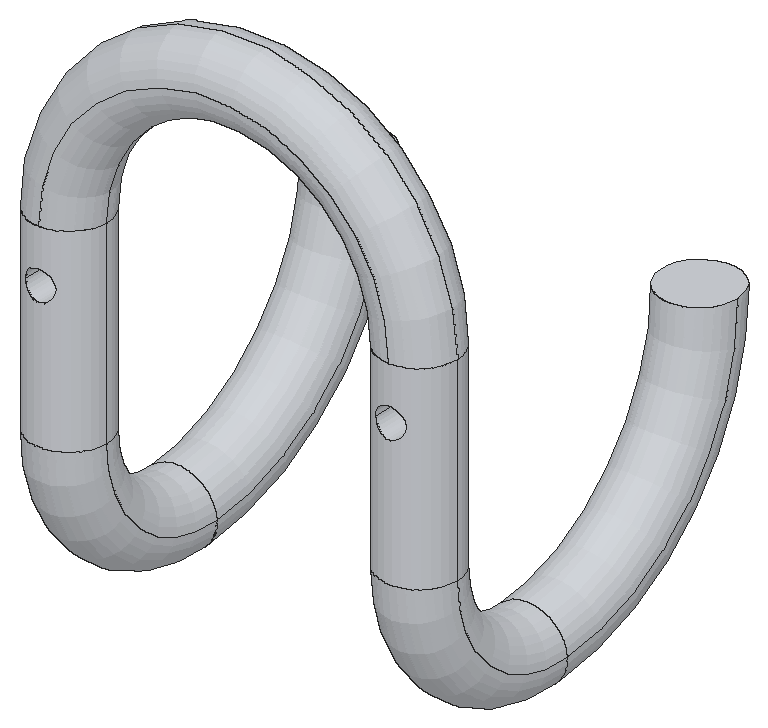
Revit family "Pyyhekoukku", category Casework, Revit 2015
Parameters (values of type "1907")
  var_h = 100 / 560 * Depth  # 10 mm
  var_g = 230 / 560 * Depth  # 23 mm
  var_f = 50 / 560 * Depth  # 5 mm
  var_e = 20 / 560 * Width  # 2 mm
  var_d = 410 / 760 * Height  # 41 mm
  var_c = 220 / 760 * Height  # 22 mm
  var_b = 350 / 760 * Height  # 35 mm
  var_a = Width / 2  # 28 mm
  URL = "http://www.korpinen.com/"
  NominalLength = 0 mm
  NominalHeight = 0 mm
  NominalDepth = 0 mm
  Model = "Pyyhekoukku"
  Manufacturer = "Korpinen Oy"
  Keynote = "1907"
  IfcExportType = ""
  IfcExportAs = ""
  IfcClassification = ""
  Depth = 56 mm
  Height = 76 mm
  Width = 56 mm
  Author = "ProdLib Oy"
Reference planes
  plane 1 "Back": y = -553.6
  plane 2: z = 0
  plane 3 "Center (Left/Right)": x = 18.738
  plane 4 "Left": x = -9.262
  plane 5 "Right": x = 46.738
  plane 6 "Front": y = -609.6
  plane 7 "Top": z = 76
  plane 8: z = 48
  plane 9: z = 22
  plane 10: x = -4.262
  plane 11: x = 41.738
  plane 12: y = -604.6
  plane 13: x = 0.738
  plane 14: x = 36.738
  plane 15: y = -586.6
  plane 16: z = 35
  plane 17: y = -558.6
  plane 18: z = 5
  plane 19: z = 41
  plane 20: x = -6.262
  plane 21: x = -2.262
  plane 22: x = 43.738
  plane 23: x = 39.738
Forms (mm)
  Sweep 1, solid
    path origin (0, -609.6, 0) x (1, 0, 0) y (0, 0, 1)
      loop
        arc (-9.262, 48) -> (18.738, 76) -> (46.738, 48) r 28
    profile origin (18.738, -609.6, 76) x (0, 0, 1) y (0, -1, 0)
      loop
        arc (0, -5) -> (-1.464, -1.464) -> (-5, 0) r 5
        arc (-5, 0) -> (-8.536, -1.464) -> (-10, -5) r 5
        arc (-10, -5) -> (-5, -10) -> (0, -5) r 5
  Sweep 2, solid
    path origin (46.738, 0, 0) x (0, -1, 0) y (0, 0, 1)
      loop
        line (604.6, 48) -> (604.6, 22)
        arc (604.6, 22) -> (599.264, 9.621) -> (586.6, 5) r 17.028
        arc (586.6, 5) -> (566.585, 14.386) -> (558.6, 35) r 29.698
    profile origin (46.738, -604.6, 35) x (-1, 0, 0) y (0, -1, 0)
      loop
        circle (5, 0) r 5
      loop
        circle (51, 0) r 5
  Extrusion 3, void
    sketch origin (0, -609.6, 0) x (1, 0, 0) y (0, 0, 1)
      loop
        circle (-4.262, 41) r 2
      loop
        circle (41.738, 41) r 2
    from -282.04 to 135.607
Cuts and joins
  Extrusion 3 cuts Sweep 2
Lines and regions (mm)
  symbolic lines
    curve 1: arc (-9.262, -609.6, 48) -> (18.738, -609.6, 76) -> (46.738, -609.6, 48) r 28
    curve 2: arc (36.738, -609.6, 48) -> (18.738, -609.6, 66) -> (0.738, -609.6, 48) r 18
    curve 3: arc (-9.262, -609.6, 5) -> (-4.262, -609.6, 0) -> (0.738, -609.6, 5) r 5
    curve 4: arc (36.738, -609.6, 5) -> (41.738, -609.6, 0) -> (46.738, -609.6, 5) r 5
    curve 5: line (-9.262, -609.6, 48) -> (0.738, -609.6, 48)
    curve 6: line (-9.262, -609.6, 48) -> (-9.262, -609.6, 5)
    curve 7: line (36.738, -609.6, 48) -> (46.738, -609.6, 48)
    curve 8: line (36.738, -609.6, 48) -> (36.738, -609.6, 5)
    curve 9: line (0.738, -609.6, 48) -> (0.738, -609.6, 5)
    curve 10: line (46.738, -609.6, 48) -> (46.738, -609.6, 5)
    curve 11: arc (39.738, -609.6, 41) -> (41.738, -609.6, 43) -> (43.738, -609.6, 41) r 2
    curve 12: arc (43.738, -609.6, 41) -> (41.738, -609.6, 39) -> (39.738, -609.6, 41) r 2
    curve 13: arc (-6.262, -609.6, 41) -> (-4.262, -609.6, 43) -> (-2.262, -609.6, 41) r 2
    curve 14: arc (-2.262, -609.6, 41) -> (-4.262, -609.6, 39) -> (-6.262, -609.6, 41) r 2
    curve 15: arc (46.738, -604.6, 76) -> (46.738, -608.136, 74.536) -> (46.738, -609.6, 71) r 5
    curve 16: arc (46.738, -604.6, 76) -> (46.738, -601.064, 74.536) -> (46.738, -599.6, 71) r 5
    curve 17: arc (46.738, -609.6, 22) -> (46.738, -602.8, 6.086) -> (46.738, -586.6, 0) r 22.022
    curve 18: arc (46.738, -586.6, 0) -> (46.738, -562.984, 10.832) -> (46.738, -553.6, 35.059) r 34.538
    curve 19: line (46.738, -553.6, 35.059) -> (46.738, -563.6, 34.941)
    curve 20: line (46.738, -609.6, 71) -> (46.738, -609.6, 43.001)
    curve 21: line (46.738, -599.6, 71) -> (46.738, -599.6, 43.001)
    curve 22: line (46.738, -609.6, 39.01) -> (46.738, -609.6, 22)
    curve 23: arc (46.738, -599.6, 43.001) -> (46.738, -600.017, 41.006) -> (46.738, -599.6, 39.01) r 4.979
    curve 24: line (46.738, -599.6, 39.01) -> (46.738, -599.6, 22)
    curve 25: arc (46.738, -609.6, 39.01) -> (46.738, -609.183, 41.006) -> (46.738, -609.6, 43.001) r 4.979
    curve 26: arc (46.738, -599.6, 22) -> (46.738, -595.726, 13.159) -> (46.738, -586.6, 10.015) r 12.025
    curve 27: arc (46.738, -586.6, 10.015) -> (46.738, -570.235, 17.989) -> (46.738, -563.6, 34.941) r 25.031
    curve 28: line (-9.262, -558.6, 0) -> (-9.262, -604.6, 0)
    curve 29: line (46.738, -558.6, 0) -> (46.738, -604.6, 0)
    curve 30: line (-4.262, -609.6, 0) -> (41.738, -609.6, 0)
    curve 31: arc (-9.262, -604.6, 0) -> (-7.798, -608.136, 0) -> (-4.262, -609.6, 0) r 5
    curve 32: arc (41.738, -609.6, 0) -> (45.273, -608.136, 0) -> (46.738, -604.6, 0) r 5
    curve 33: arc (-9.262, -604.6, 0) -> (-7.798, -601.064, 0) -> (-4.262, -599.6, 0) r 5
    curve 34: line (-4.262, -599.6, 0) -> (41.738, -599.6, 0)
    curve 35: arc (41.738, -599.6, 0) -> (45.273, -601.064, 0) -> (46.738, -604.6, 0) r 5
    curve 36: arc (46.738, -558.6, 0) -> (41.738, -553.6, 0) -> (36.738, -558.6, 0) r 5
    curve 37: line (36.738, -558.6, 0) -> (36.738, -599.6, 0)
    curve 38: arc (-9.262, -558.6, 0) -> (-4.262, -553.6, 0) -> (0.738, -558.6, 0) r 5
    curve 39: line (0.738, -558.6, 0) -> (0.738, -599.6, 0)
Dimensions and locks
  "Depth": plane 6 "Front" to plane 1 "Back"
  "Width": plane 4 "Left" to plane 5 "Right"
  equal spacing: plane 4 "Left", plane 3 "Center (Left/Right)", plane 5 "Right"
  "Height": level to plane 7 "Top"
  "var_a": plane 7 "Top" to plane 8
  "var_c": plane 9 to plane 2
  "var_f": plane 4 "Left" to plane 10
  "var_f": plane 5 "Right" to plane 11
  "var_f": plane 12 to plane 6 "Front"
  equal spacing: plane 4 "Left", plane 10, plane 13
  equal spacing: plane 5 "Right", plane 11, plane 14
  "var_b": plane 16 to plane 2
  "var_g": plane 15 to plane 6 "Front"
  "var_f": plane 17 to plane 1 "Back"
  "var_d": plane 19 to level
  "var_e": plane 10 to plane 20
  equal spacing: plane 21, plane 10, plane 20
  "var_e": plane 11 to plane 22
  equal spacing: plane 23, plane 11, plane 22
  "var_f": plane 18 to plane 2
  aligned and locked: plane 2 to level
  aligned and locked: plane 8 to Sweep 1 sketch curve  (x2)
  aligned and locked: plane 4 "Left" to Sweep 1 sketch curve
  aligned and locked: plane 5 "Right" to Sweep 1 sketch curve
  aligned and locked: plane 12 to Sweep 1 sketch curve  (x2)
  aligned and locked: plane 6 "Front" to Sweep 1 sketch curve
  aligned and locked: plane 7 "Top" to Sweep 1 sketch curve
  aligned and locked: plane 8 to Sweep 2 sketch curve
  aligned and locked: plane 12 to Sweep 2 sketch curve  (x6)
  aligned and locked: plane 9 to Sweep 2 sketch curve
  aligned and locked: plane 15 to Sweep 2 sketch curve
  aligned and locked: plane 18 to Sweep 2 sketch curve
  aligned and locked: plane 16 to Sweep 2 sketch curve
  aligned and locked: plane 17 to Sweep 2 sketch curve
  aligned and locked: plane 13 to Sweep 2 sketch curve
  aligned and locked: plane 4 "Left" to Sweep 2 sketch curve
  aligned and locked: plane 14 to Sweep 2 sketch curve
  aligned and locked: plane 5 "Right" to Sweep 2 sketch curve
  aligned and locked: plane 22 to Extrusion 3 sketch curve
  aligned and locked: plane 23 to Extrusion 3 sketch curve
  aligned and locked: plane 19 to Extrusion 3 sketch curve  (x4)
  aligned and locked: plane 21 to Extrusion 3 sketch curve
  aligned and locked: plane 20 to Extrusion 3 sketch curve
Automatic sketch dimensions
  Sweep 2 sketch curve to plane 18 = 0 mm
  curve 1 to curve 2 = 0 mm
  plane 4 "Left" to curve 1 = 0 mm
  curve 14 to plane 19 = 0 mm
  curve 13 to plane 20 = 0 mm
  curve 14 to plane 10 = 0 mm
  curve 3 to plane 10 = 0 mm
  curve 2 to plane 3 "Center (Left/Right)" = 0 mm
  curve 11 to plane 19 = 0 mm
  curve 11 to plane 23 = 0 mm
  plane 11 to curve 12 = 0 mm
  curve 4 to plane 18 = 0 mm
  curve 6 to plane 18 = 0 mm
  curve 10 to plane 8 = 0 mm
  curve 15 to curve 16 = 0 mm
  curve 26 to plane 15 = 0 mm
  curve 27 to plane 15 = 0 mm
  curve 18 to level = 0 mm
  curve 18 to plane 15 = 0 mm
  curve 17 to level = 0 mm
  curve 26 to plane 9 = 0 mm
  curve 17 to plane 9 = 0 mm
  curve 15 to plane 12 = 0 mm
  curve 20 to plane 6 "Front" = 0 mm
  curve 17 to plane 6 "Front" = 0 mm
  plane 7 "Top" to curve 15 = 0 mm
  plane 1 "Back" to curve 19 = 0 mm
  curve 26 to curve 17 = 0.003 mm
  plane 16 to curve 27 = 0.037 mm
  curve 18 to curve 27 = 0.496 mm
  curve 23 to plane 19 = 0.006 mm
  curve 23 to curve 23 = 4.562 mm
  plane 19 to curve 24 = 1.99 mm
  curve 24 to curve 23 = 0 mm
  curve 25 to plane 19 = 0.006 mm
  plane 6 "Front" to curve 25 = 4.562 mm
  plane 19 to curve 22 = 1.99 mm
  plane 16 to curve 27 = 0.059 mm
  curve 31 to curve 33 = 0 mm
  curve 32 to curve 35 = 0 mm
  curve 28 to plane 4 "Left" = 0 mm
  curve 31 to plane 10 = 0 mm
  curve 38 to plane 10 = 0 mm
  curve 36 to plane 14 = 0 mm
  curve 35 to plane 11 = 0 mm
  plane 6 "Front" to curve 32 = 0 mm
  plane 17 to curve 36 = 0 mm
  plane 17 to curve 38 = 0 mm
